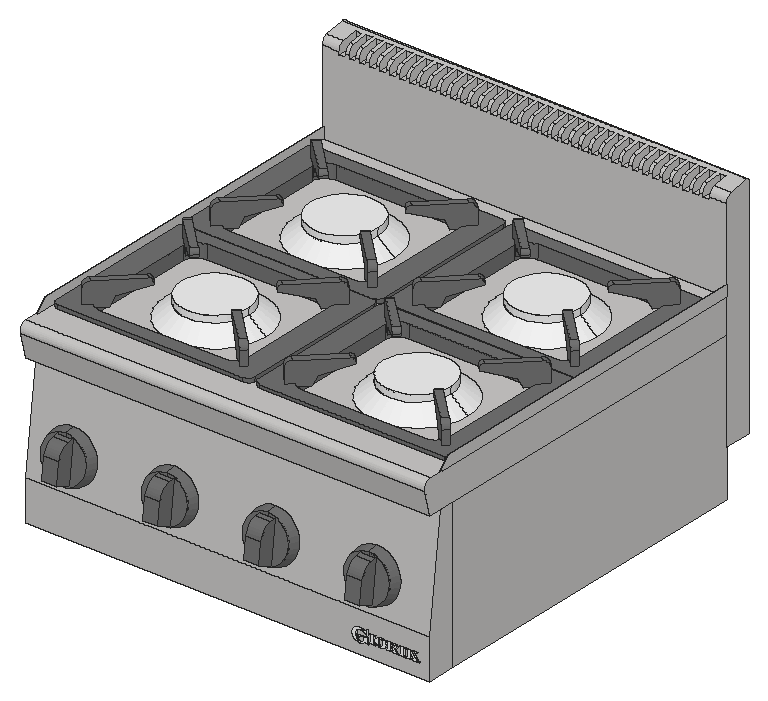
Revit family "QF_GIORIK_LPG6940", category Specialty Equipment, Revit 2014
Parameters (values of type "LPG6940")
  Weight in Pounds = 61.7294
  URL Cutsheet = "www.giorik.com"
  URL = "www.giorik.com"
  Status [instance] = ""
  Specification by User [instance] = ""
  Specification by Manufacturer = ""
  Show Logo [instance] = yes
  Show Clearance [instance] = yes
  Serial Number = ""
  Seismic Rating = ""
  SMACNA No = ""
  Revision Code [instance] = ""
  NAFEM Spec ID Number = ""
  Model = "LPG6940"
  Mechanical Remarks [instance] = "Natural Gas"
  Mechanical Connection Type [instance] = ""
  Masterspec = ""
  Manufacturer = "GIORIK"
  Item Number [instance] = ""
  Installed By [instance] = ""
  Identify Quantity as Lot [instance] = no
  Gas Size = 1"
  Gas RI Height [instance] = 0 mm
  Gas KW = 19
  Gas Input = 19000 W
  Gas Connection Height [instance] = 45 mm
  Furnished By [instance] = ""
  Foodservice Equipment Identifier [instance] = yes
  Description = "COOKING TOPS"
  CSI MasterFormat = ""
  Assembly Code = "E1090320"
Reference planes
  plane 1 "Back": y = 0
  plane 2: z = 0
  plane 3 "Left": x = 0
  plane 4 "Right": x = 600
  plane 5 "Front": y = -600
  plane 6 "Top": z = 430
Forms (mm)
  Extrusion 1, solid
    sketch origin (0, 1000, -580) x (0, 1, 0) y (0, 0, 1)
      loop
        line (-1040.007, 869.975) -> (-1589.445, 869.975)
        arc (-1589.445, 869.975) -> (-1598.171, 865.672) -> (-1600.069, 856.13) r 10.999
        line (-1600.069, 856.13) -> (-1590.388, 820) -> (-1040.007, 820) -> (-1040.007, 869.975)
    from 0 to 600
  Extrusion 2, solid
    sketch origin (360, 33.5, -557.014) x (-1, 0, 0) y (0, -1, 0)
      loop
        arc (62.5, 110) -> (65.429, 102.929) -> (72.5, 100) r 10
        line (72.5, 100) -> (347.5, 100)
        arc (347.5, 100) -> (354.571, 102.929) -> (357.5, 110) r 10
        line (357.5, 110) -> (357.5, 330)
        arc (357.5, 330) -> (354.571, 337.071) -> (347.5, 340) r 10
        line (347.5, 340) -> (72.5, 340)
        arc (72.5, 340) -> (65.429, 337.071) -> (62.5, 330) r 10
        line (62.5, 330) -> (62.5, 110)
      loop
        line (117.5, 120) -> (302.5, 120)
        arc (302.5, 120) -> (316.642, 125.858) -> (322.5, 140) r 20
        line (322.5, 140) -> (322.5, 300)
        arc (322.5, 300) -> (316.642, 314.142) -> (302.5, 320) r 20
        line (302.5, 320) -> (117.5, 320)
        arc (117.5, 320) -> (103.358, 314.142) -> (97.5, 300) r 20
        line (97.5, 300) -> (97.5, 140)
        arc (97.5, 140) -> (103.358, 125.858) -> (117.5, 120) r 20
    from 831.989 to 851.989
  Extrusion 3, solid
    sketch origin (300.981, -109.39, -577.822) x (-0.707107, -0.707107, 0) y (0, 0, 1)
      loop
        line (85.748, 902.808) -> (18.548, 902.808)
        arc (18.548, 902.808) -> (11.477, 899.879) -> (8.548, 892.808) r 10
        line (8.548, 892.808) -> (8.548, 867.797) -> (40.514, 867.797) -> (46.895, 881.064) -> (91.748, 893.808) -> (91.748, 896.808)
        arc (91.748, 896.808) -> (89.991, 901.051) -> (85.748, 902.808) r 6
    from 30.148 to 40.148
  Extrusion 4, solid
    sketch origin (300.981, -265.882, -577.822) x (-0.707107, 0.707107, 0) y (0, 0, -1)
      loop
        arc (85.748, -902.808) -> (89.991, -901.051) -> (91.748, -896.808) r 6
        line (91.748, -896.808) -> (91.748, -893.808) -> (46.895, -881.064) -> (40.514, -867.797) -> (8.548, -867.797) -> (8.548, -892.808)
        arc (8.548, -892.808) -> (11.477, -899.879) -> (18.548, -902.808) r 10
        line (18.548, -902.808) -> (85.748, -902.808)
    from 30.148 to 40.148
  Extrusion 5, solid
    sketch origin (360, -646.5, -557.014) x (-1, 0, 0) y (0, -1, 0)
      loop
        line (62.5, -110) -> (62.5, -330)
        arc (62.5, -330) -> (65.429, -337.071) -> (72.5, -340) r 10
        line (72.5, -340) -> (347.5, -340)
        arc (347.5, -340) -> (354.571, -337.071) -> (357.5, -330) r 10
        line (357.5, -330) -> (357.5, -110)
        arc (357.5, -110) -> (354.571, -102.929) -> (347.5, -100) r 10
        line (347.5, -100) -> (72.5, -100)
        arc (72.5, -100) -> (65.429, -102.929) -> (62.5, -110) r 10
      loop
        arc (117.5, -120) -> (103.358, -125.858) -> (97.5, -140) r 20
        line (97.5, -140) -> (97.5, -300)
        arc (97.5, -300) -> (103.358, -314.142) -> (117.5, -320) r 20
        line (117.5, -320) -> (302.5, -320)
        arc (302.5, -320) -> (316.642, -314.142) -> (322.5, -300) r 20
        line (322.5, -300) -> (322.5, -140)
        arc (322.5, -140) -> (316.642, -125.858) -> (302.5, -120) r 20
        line (302.5, -120) -> (117.5, -120)
    from 831.989 to 851.989
  Extrusion 6, solid
    sketch origin (240, -646.5, -557.014) x (1, 0, 0) y (0, 1, 0)
      loop
        arc (62.5, 110) -> (65.429, 102.929) -> (72.5, 100) r 10
        line (72.5, 100) -> (347.5, 100)
        arc (347.5, 100) -> (354.571, 102.929) -> (357.5, 110) r 10
        line (357.5, 110) -> (357.5, 330)
        arc (357.5, 330) -> (354.571, 337.071) -> (347.5, 340) r 10
        line (347.5, 340) -> (72.5, 340)
        arc (72.5, 340) -> (65.429, 337.071) -> (62.5, 330) r 10
        line (62.5, 330) -> (62.5, 110)
      loop
        line (117.5, 120) -> (302.5, 120)
        arc (302.5, 120) -> (316.642, 125.858) -> (322.5, 140) r 20
        line (322.5, 140) -> (322.5, 300)
        arc (322.5, 300) -> (316.642, 314.142) -> (302.5, 320) r 20
        line (302.5, 320) -> (117.5, 320)
        arc (117.5, 320) -> (103.358, 314.142) -> (97.5, 300) r 20
        line (97.5, 300) -> (97.5, 140)
        arc (97.5, 140) -> (103.358, 125.858) -> (117.5, 120) r 20
    from 831.989 to 851.989
  Extrusion 7, solid
    sketch origin (240, 33.5, -557.014) x (1, 0, 0) y (0, 1, 0)
      loop
        line (62.5, -110) -> (62.5, -330)
        arc (62.5, -330) -> (65.429, -337.071) -> (72.5, -340) r 10
        line (72.5, -340) -> (347.5, -340)
        arc (347.5, -340) -> (354.571, -337.071) -> (357.5, -330) r 10
        line (357.5, -330) -> (357.5, -110)
        arc (357.5, -110) -> (354.571, -102.929) -> (347.5, -100) r 10
        line (347.5, -100) -> (72.5, -100)
        arc (72.5, -100) -> (65.429, -102.929) -> (62.5, -110) r 10
      loop
        arc (117.5, -120) -> (103.358, -125.858) -> (97.5, -140) r 20
        line (97.5, -140) -> (97.5, -300)
        arc (97.5, -300) -> (103.358, -314.142) -> (117.5, -320) r 20
        line (117.5, -320) -> (302.5, -320)
        arc (302.5, -320) -> (316.642, -314.142) -> (322.5, -300) r 20
        line (322.5, -300) -> (322.5, -140)
        arc (322.5, -140) -> (316.642, -125.858) -> (302.5, -120) r 20
        line (302.5, -120) -> (117.5, -120)
    from 831.989 to 851.989
  Extrusion 8, solid
    sketch origin (0, 0, -560) x (0, 1, 0) y (0, 0, 1)
      loop
        line (-570.06, 849.975) -> (-40.007, 849.975) -> (-40.007, 865.387) -> (-554.648, 865.387) -> (-570.06, 849.975)
    from 0 to 1.85
  Extrusion 9, solid
    sketch origin (0, 0, -560) x (0, 1, 0) y (0, 0, 1)
      loop
        line (-40.007, 800) -> (-550, 800) -> (-550, 580) -> (-40.007, 580) -> (-40.007, 800)
    from 0 to 600
  Extrusion 10, solid
    sketch origin (0, 0, -560) x (0, 1, 0) y (0, 0, 1)
      loop
        line (-550, 800) -> (-570.5, 800) -> (-590, 640) -> (-590, 580) -> (-550, 580) -> (-550, 800)
    from 0 to 600
  Revolve 11, solid
    sketch origin (75.155, -0.544, -560.03) x (0, 1, 0) y (0, 0, 1)
      loop
        line (-598.03, 706.389) -> (-594.27, 737.013) -> (-609.648, 734.852) -> (-613.772, 701.269) -> (-581.482, 697.305) -> (-580.629, 704.252) -> (-598.03, 706.389)
      axis (-581.482, 697.305) -> (-613.772, 701.269)
    angle from 0 to 360
  Extrusion 12, solid
    sketch origin (598.094, 0, -560) x (0, 1, 0) y (0, 0, 1)
      loop
        line (-570.06, 849.975) -> (-40.007, 849.975) -> (-40.007, 865.387) -> (-554.648, 865.387) -> (-570.06, 849.975)
    from -0.15 to 1.906
  Extrusion 13, solid
    sketch origin (0, 0, -560) x (0, 1, 0) y (0, 0, 1)
      loop
        line (-40.007, 974.217) -> (-40.007, 650.827) -> (0, 650.827) -> (0, 988.42)
        arc (0, 988.42) -> (-0.57, 989.648) -> (-1.878, 990) r 1.6
        line (-1.878, 990) -> (-31.072, 984.852)
        arc (-31.072, 984.852) -> (-37.477, 981.162) -> (-40.007, 974.217) r 10.797
    from 0 to 600
  Extrusion 14, solid
    sketch origin (-1.005, -109.39, -577.822) x (0.707107, -0.707107, 0) y (0, 0, -1)
      loop
        arc (85.748, -902.808) -> (89.991, -901.051) -> (91.748, -896.808) r 6
        line (91.748, -896.808) -> (91.748, -893.808) -> (46.895, -881.064) -> (40.514, -867.797) -> (8.548, -867.797) -> (8.548, -892.808)
        arc (8.548, -892.808) -> (11.477, -899.879) -> (18.548, -902.808) r 10
        line (18.548, -902.808) -> (85.748, -902.808)
    from 30.148 to 40.148
  Extrusion 15, solid
    sketch origin (-1.005, -265.882, -577.822) x (0.707107, 0.707107, 0) y (0, 0, 1)
      loop
        line (85.748, 902.808) -> (18.548, 902.808)
        arc (18.548, 902.808) -> (11.477, 899.879) -> (8.548, 892.808) r 10
        line (8.548, 892.808) -> (8.548, 867.797) -> (40.514, 867.797) -> (46.895, 881.064) -> (91.748, 893.808) -> (91.748, 896.808)
        arc (91.748, 896.808) -> (89.991, 901.051) -> (85.748, 902.808) r 6
    from 30.148 to 40.148
  Extrusion 16, solid
    sketch origin (600.981, -109.39, -577.822) x (-0.707107, -0.707107, 0) y (0, 0, 1)
      loop
        line (85.748, 902.808) -> (18.548, 902.808)
        arc (18.548, 902.808) -> (11.477, 899.879) -> (8.548, 892.808) r 10
        line (8.548, 892.808) -> (8.548, 867.797) -> (40.514, 867.797) -> (46.895, 881.064) -> (91.748, 893.808) -> (91.748, 896.808)
        arc (91.748, 896.808) -> (89.991, 901.051) -> (85.748, 902.808) r 6
    from 30.148 to 40.148
  Extrusion 17, solid
    sketch origin (600.981, -265.882, -577.822) x (-0.707107, 0.707107, 0) y (0, 0, -1)
      loop
        arc (85.748, -902.808) -> (89.991, -901.051) -> (91.748, -896.808) r 6
        line (91.748, -896.808) -> (91.748, -893.808) -> (46.895, -881.064) -> (40.514, -867.797) -> (8.548, -867.797) -> (8.548, -892.808)
        arc (8.548, -892.808) -> (11.477, -899.879) -> (18.548, -902.808) r 10
        line (18.548, -902.808) -> (85.748, -902.808)
    from 30.148 to 40.148
  Extrusion 18, solid
    sketch origin (298.995, -109.39, -577.822) x (0.707107, -0.707107, 0) y (0, 0, -1)
      loop
        arc (85.748, -902.808) -> (89.991, -901.051) -> (91.748, -896.808) r 6
        line (91.748, -896.808) -> (91.748, -893.808) -> (46.895, -881.064) -> (40.514, -867.797) -> (8.548, -867.797) -> (8.548, -892.808)
        arc (8.548, -892.808) -> (11.477, -899.879) -> (18.548, -902.808) r 10
        line (18.548, -902.808) -> (85.748, -902.808)
    from 30.148 to 40.148
  Extrusion 19, solid
    sketch origin (298.995, -265.882, -577.822) x (0.707107, 0.707107, 0) y (0, 0, 1)
      loop
        line (85.748, 902.808) -> (18.548, 902.808)
        arc (18.548, 902.808) -> (11.477, 899.879) -> (8.548, 892.808) r 10
        line (8.548, 892.808) -> (8.548, 867.797) -> (40.514, 867.797) -> (46.895, 881.064) -> (91.748, 893.808) -> (91.748, 896.808)
        arc (91.748, 896.808) -> (89.991, 901.051) -> (85.748, 902.808) r 6
    from 30.148 to 40.148
  Extrusion 20, solid
    sketch origin (300.981, -348.09, -577.822) x (-0.707107, -0.707107, 0) y (0, 0, 1)
      loop
        line (85.748, 902.808) -> (18.548, 902.808)
        arc (18.548, 902.808) -> (11.477, 899.879) -> (8.548, 892.808) r 10
        line (8.548, 892.808) -> (8.548, 867.797) -> (40.514, 867.797) -> (46.895, 881.064) -> (91.748, 893.808) -> (91.748, 896.808)
        arc (91.748, 896.808) -> (89.991, 901.051) -> (85.748, 902.808) r 6
    from 30.148 to 40.148
  Extrusion 21, solid
    sketch origin (300.981, -504.882, -577.822) x (-0.707107, 0.707107, 0) y (0, 0, -1)
      loop
        arc (85.748, -902.808) -> (89.991, -901.051) -> (91.748, -896.808) r 6
        line (91.748, -896.808) -> (91.748, -893.808) -> (46.895, -881.064) -> (40.514, -867.797) -> (8.548, -867.797) -> (8.548, -892.808)
        arc (8.548, -892.808) -> (11.477, -899.879) -> (18.548, -902.808) r 10
        line (18.548, -902.808) -> (85.748, -902.808)
    from 30.148 to 40.148
  Extrusion 22, solid
    sketch origin (-1.005, -348.09, -577.822) x (0.707107, -0.707107, 0) y (0, 0, -1)
      loop
        arc (85.748, -902.808) -> (89.991, -901.051) -> (91.748, -896.808) r 6
        line (91.748, -896.808) -> (91.748, -893.808) -> (46.895, -881.064) -> (40.514, -867.797) -> (8.548, -867.797) -> (8.548, -892.808)
        arc (8.548, -892.808) -> (11.477, -899.879) -> (18.548, -902.808) r 10
        line (18.548, -902.808) -> (85.748, -902.808)
    from 30.148 to 40.148
  Extrusion 23, solid
    sketch origin (-1.005, -504.882, -577.822) x (0.707107, 0.707107, 0) y (0, 0, 1)
      loop
        line (85.748, 902.808) -> (18.548, 902.808)
        arc (18.548, 902.808) -> (11.477, 899.879) -> (8.548, 892.808) r 10
        line (8.548, 892.808) -> (8.548, 867.797) -> (40.514, 867.797) -> (46.895, 881.064) -> (91.748, 893.808) -> (91.748, 896.808)
        arc (91.748, 896.808) -> (89.991, 901.051) -> (85.748, 902.808) r 6
    from 30.148 to 40.148
  Extrusion 24, solid
    sketch origin (600.981, -348.09, -577.822) x (-0.707107, -0.707107, 0) y (0, 0, 1)
      loop
        line (85.748, 902.808) -> (18.548, 902.808)
        arc (18.548, 902.808) -> (11.477, 899.879) -> (8.548, 892.808) r 10
        line (8.548, 892.808) -> (8.548, 867.797) -> (40.514, 867.797) -> (46.895, 881.064) -> (91.748, 893.808) -> (91.748, 896.808)
        arc (91.748, 896.808) -> (89.991, 901.051) -> (85.748, 902.808) r 6
    from 30.148 to 40.148
  Extrusion 25, solid
    sketch origin (600.981, -504.882, -577.822) x (-0.707107, 0.707107, 0) y (0, 0, -1)
      loop
        arc (85.748, -902.808) -> (89.991, -901.051) -> (91.748, -896.808) r 6
        line (91.748, -896.808) -> (91.748, -893.808) -> (46.895, -881.064) -> (40.514, -867.797) -> (8.548, -867.797) -> (8.548, -892.808)
        arc (8.548, -892.808) -> (11.477, -899.879) -> (18.548, -902.808) r 10
        line (18.548, -902.808) -> (85.748, -902.808)
    from 30.148 to 40.148
  Extrusion 26, solid
    sketch origin (298.995, -348.09, -577.822) x (0.707107, -0.707107, 0) y (0, 0, -1)
      loop
        arc (85.748, -902.808) -> (89.991, -901.051) -> (91.748, -896.808) r 6
        line (91.748, -896.808) -> (91.748, -893.808) -> (46.895, -881.064) -> (40.514, -867.797) -> (8.548, -867.797) -> (8.548, -892.808)
        arc (8.548, -892.808) -> (11.477, -899.879) -> (18.548, -902.808) r 10
        line (18.548, -902.808) -> (85.748, -902.808)
    from 30.148 to 40.148
  Extrusion 27, solid
    sketch origin (298.995, -504.882, -577.822) x (0.707107, 0.707107, 0) y (0, 0, 1)
      loop
        line (85.748, 902.808) -> (18.548, 902.808)
        arc (18.548, 902.808) -> (11.477, 899.879) -> (8.548, 892.808) r 10
        line (8.548, 892.808) -> (8.548, 867.797) -> (40.514, 867.797) -> (46.895, 881.064) -> (91.748, 893.808) -> (91.748, 896.808)
        arc (91.748, 896.808) -> (89.991, 901.051) -> (85.748, 902.808) r 6
    from 30.148 to 40.148
  Extrusion 28, void
    sketch origin (-151, 10, 430) x (0, 1, 0) y (-1, 0, 0)
      loop
        line (-91.5, -171) -> (-541.5, -171) -> (-541.5, -431) -> (-91.5, -431) -> (-91.5, -171)
    from -155.025 to -140.025
  Extrusion 29, void
    sketch origin (149, 10, 430) x (0, 1, 0) y (-1, 0, 0)
      loop
        line (-91.5, -171) -> (-541.5, -171) -> (-541.5, -431) -> (-91.5, -431) -> (-91.5, -171)
    from -155.025 to -140.025
  Blend 30, solid
    base sketch origin (249.954, 89.949, 344.975) x (0, 1, 0) y (-1, 0, 0)
      loop
        circle (-276.449, -200.046) r 75
    top sketch origin (249.954, 89.949, 344.975) x (0, 1, 0) y (-1, 0, 0)
      loop
        circle (-276.449, -200.046) r 50
    from -70 to -50
  Extrusion 31, solid
    sketch origin (249.954, -462.949, -585.012) x (1, 0, 0) y (0, 1, 0)
      loop
        circle (200.046, 276.449) r 50
    from 889.988 to 879.988
  Blend 32, solid
    base sketch origin (249.954, -150.051, 344.975) x (0, 1, 0) y (-1, 0, 0)
      loop
        circle (-276.449, -200.046) r 75
    top sketch origin (249.954, -150.051, 344.975) x (0, 1, 0) y (-1, 0, 0)
      loop
        circle (-276.449, -200.046) r 50
    from -70 to -50
  Extrusion 33, solid
    sketch origin (249.954, -702.949, -585.012) x (1, 0, 0) y (0, 1, 0)
      loop
        circle (200.046, 276.449) r 50
    from 889.988 to 879.988
  Extrusion 34, solid
    sketch origin (-87.831, -0.544, -560.03) x (0, 1, 0) y (0, 0, 1)
      loop
        line (-635.843, 711.553) -> (-639.647, 680.575) -> (-617.415, 671.593) -> (-610.135, 730.882) -> (-617.934, 729.786)
        arc (-617.934, 729.786) -> (-629.982, 723.708) -> (-635.843, 711.553) r 20.998
    from 151.831 to 173.831
  Blend 35, solid
    base sketch origin (-50.046, 89.949, 344.975) x (0, 1, 0) y (-1, 0, 0)
      loop
        circle (-276.449, -200.046) r 75
    top sketch origin (-50.046, 89.949, 344.975) x (0, 1, 0) y (-1, 0, 0)
      loop
        circle (-276.449, -200.046) r 50
    from -70 to -50
  Extrusion 36, solid
    sketch origin (-50.046, -462.949, -585.012) x (1, 0, 0) y (0, 1, 0)
      loop
        circle (200.046, 276.449) r 50
    from 889.988 to 879.988
  Blend 37, solid
    base sketch origin (-50.046, -150.051, 344.975) x (0, 1, 0) y (-1, 0, 0)
      loop
        circle (-276.449, -200.046) r 75
    top sketch origin (-50.046, -150.051, 344.975) x (0, 1, 0) y (-1, 0, 0)
      loop
        circle (-276.449, -200.046) r 50
    from -70 to -50
  Extrusion 38, solid
    sketch origin (-50.046, -702.949, -585.012) x (1, 0, 0) y (0, 1, 0)
      loop
        circle (200.046, 276.449) r 50
    from 889.988 to 879.988
  Revolve 39, solid
    sketch origin (225.155, -0.544, -560.03) x (0, 1, 0) y (0, 0, 1)
      loop
        line (-598.03, 706.389) -> (-594.27, 737.013) -> (-609.648, 734.852) -> (-613.772, 701.269) -> (-581.482, 697.305) -> (-580.629, 704.252) -> (-598.03, 706.389)
      axis (-581.482, 697.305) -> (-613.772, 701.269)
    angle from 0 to 360
  Extrusion 40, solid
    sketch origin (62.169, -0.544, -560.03) x (0, 1, 0) y (0, 0, 1)
      loop
        line (-635.843, 711.553) -> (-639.647, 680.575) -> (-617.415, 671.593) -> (-610.135, 730.882) -> (-617.934, 729.786)
        arc (-617.934, 729.786) -> (-629.982, 723.708) -> (-635.843, 711.553) r 20.998
    from 151.831 to 173.831
  Revolve 41, solid
    sketch origin (375.155, -0.544, -560.03) x (0, 1, 0) y (0, 0, 1)
      loop
        line (-598.03, 706.389) -> (-594.27, 737.013) -> (-609.648, 734.852) -> (-613.772, 701.269) -> (-581.482, 697.305) -> (-580.629, 704.252) -> (-598.03, 706.389)
      axis (-581.482, 697.305) -> (-613.772, 701.269)
    angle from 0 to 360
  Extrusion 42, solid
    sketch origin (212.169, -0.544, -560.03) x (0, 1, 0) y (0, 0, 1)
      loop
        line (-635.843, 711.553) -> (-639.647, 680.575) -> (-617.415, 671.593) -> (-610.135, 730.882) -> (-617.934, 729.786)
        arc (-617.934, 729.786) -> (-629.982, 723.708) -> (-635.843, 711.553) r 20.998
    from 151.831 to 173.831
  Revolve 43, solid
    sketch origin (525.155, -0.544, -560.03) x (0, 1, 0) y (0, 0, 1)
      loop
        line (-598.03, 706.389) -> (-594.27, 737.013) -> (-609.648, 734.852) -> (-613.772, 701.269) -> (-581.482, 697.305) -> (-580.629, 704.252) -> (-598.03, 706.389)
      axis (-581.482, 697.305) -> (-613.772, 701.269)
    angle from 0 to 360
  Extrusion 44, solid
    sketch origin (362.169, -0.544, -560.03) x (0, 1, 0) y (0, 0, 1)
      loop
        line (-635.843, 711.553) -> (-639.647, 680.575) -> (-617.415, 671.593) -> (-610.135, 730.882) -> (-617.934, 729.786)
        arc (-617.934, 729.786) -> (-629.982, 723.708) -> (-635.843, 711.553) r 20.998
    from 151.831 to 173.831
  Extrusion 45, solid
    sketch origin (103.819, 0, -561) x (1, 0, 0) y (0, 0, 1)
      loop
        circle (-38.319, 606) r 12.5
    from 20.007 to 40.007
  Extrusion 46, solid, visible <- "Show Logo"
    sketch origin (391.604, -590.5, -6.113) x (-1, 0, 0) y (0, 0, 1)
      loop
        line (-118.824, 58.358) -> (-127.804, 58.358) -> (-125.523, 56.445) -> (-125.523, 48.027) -> (-127.804, 46.113) -> (-118.824, 46.113) -> (-121.105, 48.027) -> (-121.105, 56.445) -> (-118.824, 58.358)
      loop
        line (-163.721, 58.358) -> (-172.7, 58.358) -> (-170.42, 56.445) -> (-170.42, 48.027) -> (-172.7, 46.113) -> (-163.721, 46.113) -> (-166.001, 48.027) -> (-166.001, 56.445) -> (-163.721, 58.358)
      loop
        line (-174.332, 58.358) -> (-183.312, 58.358) -> (-181.031, 56.445) -> (-181.031, 52.435) -> (-186.419, 56.955) -> (-184.416, 58.358) -> (-191.268, 58.358) -> (-188.01, 56.839) -> (-185.455, 54.283) -> (-190.846, 47.858) -> (-193.396, 46.93) -> (-193.396, 46.113) -> (-184.416, 46.113) -> (-185.437, 47.571) -> (-182.443, 51.552) -> (-181.031, 50.894) -> (-181.031, 48.027) -> (-183.312, 46.113) -> (-174.332, 46.113) -> (-176.613, 48.027) -> (-176.613, 56.445) -> (-174.332, 58.358)
      loop
        line (-115.429, 62.063) -> (-115.429, 54.198)
        arc (-115.429, 54.198) -> (-111.618, 57.803) -> (-106.847, 59.986) r 16.039
        arc (-106.847, 59.986) -> (-103.314, 59.837) -> (-100.512, 57.68) r 5.851
        arc (-100.512, 57.68) -> (-98.815, 52.267) -> (-100.512, 46.853) r 9.479
        arc (-100.512, 46.853) -> (-102.406, 44.986) -> (-104.846, 43.93) r 7.236
        arc (-104.846, 43.93) -> (-107.728, 44.111) -> (-110.052, 45.825) r 5.11
        line (-110.052, 45.825) -> (-110.052, 52.001) -> (-116.141, 52.001) -> (-116.141, 45.503) -> (-117.893, 43.751) -> (-114.094, 44.769)
        arc (-114.094, 44.769) -> (-112.56, 44.947) -> (-111.129, 44.366) r 3.115
        arc (-111.129, 44.366) -> (-104.216, 42.091) -> (-97.303, 44.366) r 11.641
        arc (-97.303, 44.366) -> (-93.396, 52.107) -> (-97.303, 59.849) r 9.622
        arc (-97.303, 59.849) -> (-104.369, 62.174) -> (-111.435, 59.849) r 11.898
        line (-111.435, 59.849) -> (-115.429, 62.063)
      loop
        arc (-129.234, 56.068) -> (-135.893, 58.628) -> (-142.552, 56.068) r 9.941
        arc (-142.552, 56.068) -> (-144.234, 52.286) -> (-142.552, 48.505) r 5.093
        arc (-142.552, 48.505) -> (-135.893, 45.945) -> (-129.234, 48.505) r 9.941
        arc (-129.234, 48.505) -> (-127.552, 52.286) -> (-129.234, 56.068) r 5.093
      loop
        arc (-132.628, 54.403) -> (-135.893, 57.668) -> (-139.158, 54.403) r 3.265
        line (-139.158, 54.403) -> (-139.158, 50.169)
        arc (-139.158, 50.169) -> (-135.893, 46.904) -> (-132.628, 50.169) r 3.265
        line (-132.628, 50.169) -> (-132.628, 54.403)
      loop
        arc (-156.363, 58.365) -> (-159.647, 55.081) -> (-156.363, 51.796) r 3.285
        line (-156.363, 51.796) -> (-159.529, 47.306) -> (-162.087, 46.113) -> (-155.847, 46.113) -> (-153.529, 51.083) -> (-150.637, 51.083) -> (-150.637, 47.784) -> (-153.022, 46.113) -> (-144.011, 46.113) -> (-146.094, 47.68) -> (-146.094, 56.493) -> (-144.229, 58.365) -> (-156.363, 58.365)
      loop
        line (-150.637, 57.512) -> (-153.637, 57.512)
        arc (-153.637, 57.512) -> (-156.237, 54.912) -> (-153.637, 52.312) r 2.6
        line (-153.637, 52.312) -> (-150.637, 52.312) -> (-150.637, 57.512)
      loop
        line (-108.924, 52.001) -> (-104.936, 49.005) -> (-100.948, 52.001) -> (-108.924, 52.001)
    from 1.5 to -0.5
  Extrusion 47, void
    sketch origin (10, 0, 430) x (0, 1, 0) y (-1, 0, 0)
      loop
        line (-40.007, -25) -> (-9.931, -25) -> (-9.931, -15) -> (-40.007, -15) -> (-40.007, -25)
      loop
        line (-40.007, -40) -> (-9.931, -40) -> (-9.931, -30) -> (-40.007, -30) -> (-40.007, -40)
      loop
        line (-40.007, -55) -> (-9.931, -55) -> (-9.931, -45) -> (-40.007, -45) -> (-40.007, -55)
      loop
        line (-40.007, -70) -> (-9.931, -70) -> (-9.931, -60) -> (-40.007, -60) -> (-40.007, -70)
      loop
        line (-40.007, -85) -> (-9.931, -85) -> (-9.931, -75) -> (-40.007, -75) -> (-40.007, -85)
      loop
        line (-40.007, -100) -> (-9.931, -100) -> (-9.931, -90) -> (-40.007, -90) -> (-40.007, -100)
      loop
        line (-40.007, -115) -> (-9.931, -115) -> (-9.931, -105) -> (-40.007, -105) -> (-40.007, -115)
      loop
        line (-40.007, -130) -> (-9.931, -130) -> (-9.931, -120) -> (-40.007, -120) -> (-40.007, -130)
      loop
        line (-40.007, -145) -> (-9.931, -145) -> (-9.931, -135) -> (-40.007, -135) -> (-40.007, -145)
      loop
        line (-40.007, -160) -> (-9.931, -160) -> (-9.931, -150) -> (-40.007, -150) -> (-40.007, -160)
      loop
        line (-40.007, -175) -> (-9.931, -175) -> (-9.931, -165) -> (-40.007, -165) -> (-40.007, -175)
      loop
        line (-40.007, -190) -> (-9.931, -190) -> (-9.931, -180) -> (-40.007, -180) -> (-40.007, -190)
      loop
        line (-40.007, -205) -> (-9.931, -205) -> (-9.931, -195) -> (-40.007, -195) -> (-40.007, -205)
      loop
        line (-40.007, -220) -> (-9.931, -220) -> (-9.931, -210) -> (-40.007, -210) -> (-40.007, -220)
      loop
        line (-40.007, -235) -> (-9.931, -235) -> (-9.931, -225) -> (-40.007, -225) -> (-40.007, -235)
      loop
        line (-40.007, -250) -> (-9.931, -250) -> (-9.931, -240) -> (-40.007, -240) -> (-40.007, -250)
      loop
        line (-40.007, -265) -> (-9.931, -265) -> (-9.931, -255) -> (-40.007, -255) -> (-40.007, -265)
      loop
        line (-40.007, -280) -> (-9.931, -280) -> (-9.931, -270) -> (-40.007, -270) -> (-40.007, -280)
      loop
        line (-40.007, -295) -> (-9.931, -295) -> (-9.931, -285) -> (-40.007, -285) -> (-40.007, -295)
      loop
        line (-40.007, -310) -> (-9.931, -310) -> (-9.931, -300) -> (-40.007, -300) -> (-40.007, -310)
      loop
        line (-40.007, -325) -> (-9.931, -325) -> (-9.931, -315) -> (-40.007, -315) -> (-40.007, -325)
      loop
        line (-40.007, -340) -> (-9.931, -340) -> (-9.931, -330) -> (-40.007, -330) -> (-40.007, -340)
      loop
        line (-40.007, -355) -> (-9.931, -355) -> (-9.931, -345) -> (-40.007, -345) -> (-40.007, -355)
      loop
        line (-40.007, -370) -> (-9.931, -370) -> (-9.931, -360) -> (-40.007, -360) -> (-40.007, -370)
      loop
        line (-40.007, -385) -> (-9.931, -385) -> (-9.931, -375) -> (-40.007, -375) -> (-40.007, -385)
      loop
        line (-40.007, -400) -> (-9.931, -400) -> (-9.931, -390) -> (-40.007, -390) -> (-40.007, -400)
      loop
        line (-40.007, -415) -> (-9.931, -415) -> (-9.931, -405) -> (-40.007, -405) -> (-40.007, -415)
      loop
        line (-40.007, -430) -> (-9.931, -430) -> (-9.931, -420) -> (-40.007, -420) -> (-40.007, -430)
      loop
        line (-40.007, -445) -> (-9.931, -445) -> (-9.931, -435) -> (-40.007, -435) -> (-40.007, -445)
      loop
        line (-40.007, -460) -> (-9.931, -460) -> (-9.931, -450) -> (-40.007, -450) -> (-40.007, -460)
      loop
        line (-40.007, -475) -> (-9.931, -475) -> (-9.931, -465) -> (-40.007, -465) -> (-40.007, -475)
      loop
        line (-40.007, -490) -> (-9.931, -490) -> (-9.931, -480) -> (-40.007, -480) -> (-40.007, -490)
      loop
        line (-40.007, -505) -> (-9.931, -505) -> (-9.931, -495) -> (-40.007, -495) -> (-40.007, -505)
      loop
        line (-40.007, -520) -> (-9.931, -520) -> (-9.931, -510) -> (-40.007, -510) -> (-40.007, -520)
      loop
        line (-40.007, -535) -> (-9.931, -535) -> (-9.931, -525) -> (-40.007, -525) -> (-40.007, -535)
      loop
        line (-40.007, -550) -> (-9.931, -550) -> (-9.931, -540) -> (-40.007, -540) -> (-40.007, -550)
      loop
        line (-40.007, -565) -> (-9.931, -565) -> (-9.931, -555) -> (-40.007, -555) -> (-40.007, -565)
    from 0 to -20
  Extrusion 48, solid
    sketch origin (566.603, 15.293, -30) x (0, 1, 0) y (-1, 0, 0)
      loop
        circle (-79.293, 516.603) r 5
    from 41.965 to 50
  Revolve 49, solid
    sketch origin (50, 19.943, -600) x (0, 1, 0) y (0, 0, 1)
      loop
        line (-83.943, 611.965) -> (-94.752, 611.965) -> (-97.943, 600) -> (-83.943, 600) -> (-83.943, 611.965)
      axis (-83.943, 611.965) -> (-83.943, 600)
    angle from 0 to 360
  Extrusion 50, solid
    sketch origin (33.397, 15.293, -30) x (0, 1, 0) y (-1, 0, 0)
      loop
        circle (-79.293, -516.603) r 5
    from 41.965 to 50
  Revolve 51, solid
    sketch origin (550, 19.943, -600) x (0, 1, 0) y (0, 0, -1)
      loop
        line (-83.943, -611.965) -> (-83.943, -600) -> (-97.943, -600) -> (-94.752, -611.965) -> (-83.943, -611.965)
      axis (-83.943, -611.965) -> (-83.943, -600)
    angle from 0 to 360
  Extrusion 52, solid
    sketch origin (566.603, -459.707, -30) x (0, 1, 0) y (-1, 0, 0)
      loop
        circle (-79.293, 516.603) r 5
    from 41.965 to 50
  Revolve 53, solid
    sketch origin (50, -455.057, -600) x (0, 1, 0) y (0, 0, 1)
      loop
        line (-83.943, 611.965) -> (-94.752, 611.965) -> (-97.943, 600) -> (-83.943, 600) -> (-83.943, 611.965)
      axis (-83.943, 611.965) -> (-83.943, 600)
    angle from 0 to 360
  Extrusion 54, solid
    sketch origin (33.397, -459.707, -30) x (0, 1, 0) y (-1, 0, 0)
      loop
        circle (-79.293, -516.603) r 5
    from 41.965 to 50
  Revolve 55, solid
    sketch origin (550, -455.057, -600) x (0, 1, 0) y (0, 0, -1)
      loop
        line (-83.943, -611.965) -> (-83.943, -600) -> (-97.943, -600) -> (-94.752, -611.965) -> (-83.943, -611.965)
      axis (-83.943, -611.965) -> (-83.943, -600)
    angle from 0 to 360
Cuts and joins
  Extrusion 28, Extrusion 29 cuts Extrusion 1
  Extrusion 29 cuts Extrusion 2
  Extrusion 29 cuts Extrusion 5
  Extrusion 47 cuts Extrusion 13
Lines and regions (mm)
  symbolic lines, style "200-EquipBorder-2D"
    curve 1: line (600, 0, 0) -> (0, 0, 0)
    curve 2: line (0, 0, 0) -> (0, -600, 0)
    curve 233: line (0, -600, 430) -> (600, -600, 430)
    curve 234: line (600, -600, 430) -> (600, 0, 430)
    curve 279: spline (214, -618.202, 990) -> (210.789, -618.041, 990) -> (207.73, -617.841, 990) -> (204.856, -617.604, 990) -> (202.196, -617.332, 990) -> (199.779, -617.028, 990) -> (197.63, -616.696, 990) -> (195.772, -616.338, 990) -> (194.225, -615.96, 990) -> (193.004, -615.563, 990) -> (192.122, -615.154, 990) -> (191.59, -614.736, 990) -> (191.412, -614.313, 990)
    curve 280: spline (259.073, -614.408, 990) -> (258.819, -614.826, 990) -> (258.218, -615.239, 990) -> (257.275, -615.643, 990) -> (256.001, -616.033, 990) -> (254.408, -616.405, 990) -> (252.513, -616.755, 990) -> (250.336, -617.08, 990) -> (247.898, -617.376, 990) -> (245.227, -617.641, 990) -> (242.348, -617.871, 990) -> (239.293, -618.065, 990) -> (236.091, -618.219, 990)
    curve 281: line (191.412, -614.313, 990) -> (187.459, -600, 990)
    curve 282: line (259.073, -614.408, 990) -> (262.839, -600, 990)
    curve 283: line (214, -640.19, 430) -> (214, -610.679, 430)
    curve 284: line (214, -640.19, 430) -> (236, -640.19, 430)
    curve 285: line (236, -640.19, 430) -> (236, -610.679, 430)
    curve 286: spline (191.412, -614.313, 430) -> (192.564, -613.264, 430) -> (195.941, -612.286, 430) -> (201.314, -611.446, 430) -> (208.316, -610.802, 430) -> (216.47, -610.396, 430) -> (225.22, -610.258, 430) -> (233.97, -610.396, 430) -> (242.124, -610.802, 430) -> (249.126, -611.446, 430) -> (254.499, -612.286, 430) -> (257.877, -613.264, 430) -> (259.029, -614.313, 430)
    curve 287: line (214, -610.679, 430) -> (236, -610.679, 430)
    curve 288: spline (364, -618.202, 990) -> (360.789, -618.041, 990) -> (357.73, -617.841, 990) -> (354.856, -617.604, 990) -> (352.196, -617.332, 990) -> (349.779, -617.028, 990) -> (347.63, -616.696, 990) -> (345.772, -616.338, 990) -> (344.225, -615.96, 990) -> (343.004, -615.563, 990) -> (342.122, -615.154, 990) -> (341.59, -614.736, 990) -> (341.412, -614.313, 990)
    curve 289: spline (409.073, -614.408, 990) -> (408.819, -614.826, 990) -> (408.218, -615.239, 990) -> (407.275, -615.643, 990) -> (406.001, -616.033, 990) -> (404.408, -616.405, 990) -> (402.513, -616.755, 990) -> (400.336, -617.08, 990) -> (397.898, -617.376, 990) -> (395.227, -617.641, 990) -> (392.348, -617.871, 990) -> (389.293, -618.065, 990) -> (386.091, -618.219, 990)
    curve 290: line (341.412, -614.313, 990) -> (337.459, -600, 990)
    curve 291: line (409.073, -614.408, 990) -> (412.839, -600, 990)
    curve 292: line (364, -640.19, 430) -> (364, -610.679, 430)
    curve 293: line (364, -640.19, 430) -> (386, -640.19, 430)
    curve 294: line (386, -640.19, 430) -> (386, -610.679, 430)
    curve 295: spline (341.412, -614.313, 430) -> (342.564, -613.264, 430) -> (345.941, -612.286, 430) -> (351.314, -611.446, 430) -> (358.316, -610.802, 430) -> (366.47, -610.396, 430) -> (375.22, -610.258, 430) -> (383.97, -610.396, 430) -> (392.124, -610.802, 430) -> (399.126, -611.446, 430) -> (404.499, -612.286, 430) -> (407.877, -613.264, 430) -> (409.029, -614.313, 430)
    curve 296: line (364, -610.679, 430) -> (386, -610.679, 430)
    curve 297: spline (514, -618.202, 990) -> (510.789, -618.041, 990) -> (507.73, -617.841, 990) -> (504.856, -617.604, 990) -> (502.196, -617.332, 990) -> (499.779, -617.028, 990) -> (497.63, -616.696, 990) -> (495.772, -616.338, 990) -> (494.225, -615.96, 990) -> (493.004, -615.563, 990) -> (492.122, -615.154, 990) -> (491.59, -614.736, 990) -> (491.412, -614.313, 990)
    curve 298: spline (559.073, -614.408, 990) -> (558.819, -614.826, 990) -> (558.218, -615.239, 990) -> (557.275, -615.643, 990) -> (556.001, -616.033, 990) -> (554.408, -616.405, 990) -> (552.513, -616.755, 990) -> (550.336, -617.08, 990) -> (547.898, -617.376, 990) -> (545.227, -617.641, 990) -> (542.348, -617.871, 990) -> (539.293, -618.065, 990) -> (536.091, -618.219, 990)
    curve 299: line (491.412, -614.313, 990) -> (487.459, -600, 990)
    curve 300: line (559.073, -614.408, 990) -> (562.839, -600, 990)
    curve 301: line (514, -640.19, 430) -> (514, -610.679, 430)
    curve 302: line (514, -640.19, 430) -> (536, -640.19, 430)
    curve 303: line (536, -640.19, 430) -> (536, -610.679, 430)
    curve 304: spline (491.412, -614.313, 430) -> (492.564, -613.264, 430) -> (495.941, -612.286, 430) -> (501.314, -611.446, 430) -> (508.316, -610.802, 430) -> (516.47, -610.396, 430) -> (525.22, -610.258, 430) -> (533.97, -610.396, 430) -> (542.124, -610.802, 430) -> (549.126, -611.446, 430) -> (554.499, -612.286, 430) -> (557.877, -613.264, 430) -> (559.029, -614.313, 430)
    curve 305: line (514, -610.679, 430) -> (536, -610.679, 430)
    curve 306: spline (64, -618.202, 990) -> (60.789, -618.041, 990) -> (57.73, -617.841, 990) -> (54.856, -617.604, 990) -> (52.196, -617.332, 990) -> (49.779, -617.028, 990) -> (47.63, -616.696, 990) -> (45.772, -616.338, 990) -> (44.225, -615.96, 990) -> (43.004, -615.563, 990) -> (42.122, -615.154, 990) -> (41.59, -614.736, 990) -> (41.412, -614.313, 990)
    curve 307: spline (109.073, -614.408, 990) -> (108.819, -614.826, 990) -> (108.218, -615.239, 990) -> (107.275, -615.643, 990) -> (106.001, -616.033, 990) -> (104.408, -616.405, 990) -> (102.513, -616.755, 990) -> (100.336, -617.08, 990) -> (97.898, -617.376, 990) -> (95.227, -617.641, 990) -> (92.348, -617.871, 990) -> (89.293, -618.065, 990) -> (86.091, -618.219, 990)
    curve 308: line (41.412, -614.313, 990) -> (37.459, -600, 990)
    curve 309: line (109.073, -614.408, 990) -> (112.839, -600, 990)
    curve 310: line (64, -640.19, 430) -> (64, -610.679, 430)
    curve 311: line (64, -640.19, 430) -> (86, -640.19, 430)
    curve 312: line (86, -640.19, 430) -> (86, -610.679, 430)
    curve 313: spline (41.412, -614.313, 430) -> (42.564, -613.264, 430) -> (45.941, -612.286, 430) -> (51.314, -611.446, 430) -> (58.316, -610.802, 430) -> (66.47, -610.396, 430) -> (75.22, -610.258, 430) -> (83.97, -610.396, 430) -> (92.124, -610.802, 430) -> (99.126, -611.446, 430) -> (104.499, -612.286, 430) -> (107.877, -613.264, 430) -> (109.029, -614.313, 430)
    curve 314: line (64, -610.679, 430) -> (86, -610.679, 430)
  symbolic lines, style "200-EquipInternal-2D"
    curve 3: line (600, -40.007, 430) -> (0, -40.007, 430)
    curve 4: line (287.5, -66.5, 430) -> (12.5, -66.5, 430)
    curve 5: line (302.5, -76.5, 430) -> (302.5, -296.5, 430)
    curve 6: line (587.5, -66.5, 430) -> (312.5, -66.5, 430)
    curve 7: line (357.5, -86.5, 430) -> (542.5, -86.5, 430)
    curve 8: line (287.5, -306.5, 430) -> (12.5, -306.5, 430)
    curve 9: line (242.5, -286.5, 430) -> (57.5, -286.5, 430)
    curve 10: line (207.717, -229.395, 430) -> (266.548, -288.226, 430)
    curve 11: arc (225, -186.5, 430) -> (222.586, -205.375, 430) -> (215.499, -223.035, 430) r 75
    curve 12: arc (100, -186.5, 430) -> (150, -236.5, 430) -> (200, -186.5, 430) r 50
    curve 13: arc (200, -186.5, 430) -> (150, -136.5, 430) -> (100, -186.5, 430) r 50
    curve 14: arc (75, -186.5, 430) -> (77.206, -168.445, 430) -> (83.693, -151.452, 430) r 75
    curve 15: line (92.26, -145.877, 430) -> (33.428, -87.046, 430)
    curve 16: line (26.357, -94.117, 430) -> (85.189, -152.948, 430)
    curve 17: line (57.5, -86.5, 430) -> (242.5, -86.5, 430)
    curve 18: line (262.5, -105.236, 430) -> (262.5, -270.036, 430)
    curve 19: line (542.5, -286.5, 430) -> (357.5, -286.5, 430)
    curve 20: line (562.5, -105.236, 430) -> (562.5, -270.036, 430)
    curve 21: arc (375, -186.5, 430) -> (377.206, -168.445, 430) -> (383.693, -151.452, 430) r 75
    curve 22: arc (525, -186.5, 430) -> (522.586, -205.375, 430) -> (515.499, -223.035, 430) r 75
    curve 23: line (214.788, -152.948, 430) -> (273.619, -94.117, 430)
    curve 24: line (266.548, -87.046, 430) -> (207.717, -145.877, 430)
    curve 25: line (33.428, -87.046, 430) -> (26.357, -94.117, 430)
    curve 26: line (85.189, -152.948, 430) -> (92.26, -145.877, 430)
    curve 27: line (207.717, -145.877, 430) -> (214.788, -152.948, 430)
    curve 28: line (214.788, -222.324, 430) -> (207.717, -229.395, 430)
    curve 29: line (92.26, -229.395, 430) -> (85.189, -222.324, 430)
    curve 30: line (33.428, -288.226, 430) -> (92.26, -229.395, 430)
    curve 31: line (85.189, -222.324, 430) -> (26.357, -281.155, 430)
    curve 32: line (273.619, -94.117, 430) -> (266.548, -87.046, 430)
    curve 33: line (333.428, -87.046, 430) -> (326.357, -94.117, 430)
    curve 34: line (326.357, -94.117, 430) -> (385.189, -152.948, 430)
    curve 35: line (392.26, -145.877, 430) -> (333.428, -87.046, 430)
    curve 36: line (385.189, -152.948, 430) -> (392.26, -145.877, 430)
    curve 37: arc (500, -186.5, 430) -> (450, -136.5, 430) -> (400, -186.5, 430) r 50
    curve 38: arc (400, -186.5, 430) -> (450, -236.5, 430) -> (500, -186.5, 430) r 50
    curve 39: line (273.619, -281.155, 430) -> (214.788, -222.324, 430)
    curve 40: line (26.357, -281.155, 430) -> (33.428, -288.226, 430)
    curve 41: line (33.428, -325.746, 430) -> (26.357, -332.817, 430)
    curve 42: line (26.357, -332.817, 430) -> (85.189, -391.648, 430)
    curve 43: line (92.26, -384.577, 430) -> (33.428, -325.746, 430)
    curve 44: line (57.5, -326.5, 430) -> (242.5, -326.5, 430)
    curve 45: arc (75, -426.5, 430) -> (77.323, -407.98, 430) -> (84.147, -390.606, 430) r 75
    curve 46: arc (200, -426.5, 430) -> (150, -376.5, 430) -> (100, -426.5, 430) r 50
    curve 47: line (207.717, -384.577, 430) -> (214.788, -391.648, 430)
    curve 48: line (266.548, -325.746, 430) -> (207.717, -384.577, 430)
    curve 49: line (214.788, -391.648, 430) -> (273.619, -332.817, 430)
    curve 50: line (273.619, -332.817, 430) -> (266.548, -325.746, 430)
    curve 51: line (312.5, -306.5, 430) -> (587.5, -306.5, 430)
    curve 52: line (326.357, -281.155, 430) -> (333.428, -288.226, 430)
    curve 53: line (266.548, -288.226, 430) -> (273.619, -281.155, 430)
    curve 54: line (385.189, -222.324, 430) -> (326.357, -281.155, 430)
    curve 55: line (333.428, -288.226, 430) -> (392.26, -229.395, 430)
    curve 56: line (392.26, -229.395, 430) -> (385.189, -222.324, 430)
    curve 57: line (507.717, -145.877, 430) -> (514.788, -152.948, 430)
    curve 58: line (566.548, -87.046, 430) -> (507.717, -145.877, 430)
    curve 59: line (514.788, -152.948, 430) -> (573.619, -94.117, 430)
    curve 60: line (507.717, -229.395, 430) -> (566.548, -288.226, 430)
    curve 61: line (573.619, -281.155, 430) -> (514.788, -222.324, 430)
    curve 62: line (573.619, -94.117, 430) -> (566.548, -87.046, 430)
    curve 63: line (514.788, -222.324, 430) -> (507.717, -229.395, 430)
    curve 64: line (566.548, -288.226, 430) -> (573.619, -281.155, 430)
    curve 65: line (12.5, -546.5, 430) -> (287.5, -546.5, 430)
    curve 66: line (242.5, -526.5, 430) -> (57.5, -526.5, 430)
    curve 67: line (33.428, -527.226, 430) -> (92.26, -468.395, 430)
    curve 68: line (85.189, -461.324, 430) -> (26.357, -520.155, 430)
    curve 69: arc (225, -426.5, 430) -> (222.678, -445.019, 430) -> (215.855, -462.391, 430) r 75
    curve 70: arc (100, -426.5, 430) -> (150, -476.5, 430) -> (200, -426.5, 430) r 50
    curve 71: line (92.26, -468.395, 430) -> (85.189, -461.324, 430)
    curve 72: line (85.189, -391.648, 430) -> (92.26, -384.577, 430)
    curve 73: line (26.357, -520.155, 430) -> (33.428, -527.226, 430)
    curve 74: line (273.619, -520.155, 430) -> (214.788, -461.324, 430)
    curve 75: line (207.717, -468.395, 430) -> (266.548, -527.226, 430)
    curve 76: line (214.788, -461.324, 430) -> (207.717, -468.395, 430)
    curve 77: line (266.548, -527.226, 430) -> (273.619, -520.155, 430)
    curve 78: line (312.5, -546.5, 430) -> (587.5, -546.5, 430)
    curve 79: line (326.357, -520.155, 430) -> (333.428, -527.226, 430)
    curve 80: line (333.428, -527.226, 430) -> (392.26, -468.395, 430)
    curve 81: line (385.189, -461.324, 430) -> (326.357, -520.155, 430)
    curve 82: line (392.26, -468.395, 430) -> (385.189, -461.324, 430)
    curve 83: arc (525, -426.5, 430) -> (522.678, -445.019, 430) -> (515.855, -462.391, 430) r 75
    curve 84: line (542.5, -526.5, 430) -> (357.5, -526.5, 430)
    curve 85: line (566.548, -527.226, 430) -> (573.619, -520.155, 430)
    curve 86: line (573.619, -520.155, 430) -> (514.788, -461.324, 430)
    curve 87: line (507.717, -468.395, 430) -> (566.548, -527.226, 430)
    curve 88: line (514.788, -461.324, 430) -> (507.717, -468.395, 430)
    curve 89: arc (400, -426.5, 430) -> (450, -476.5, 430) -> (500, -426.5, 430) r 50
    curve 90: arc (375, -426.5, 430) -> (377.323, -407.98, 430) -> (384.147, -390.606, 430) r 75
    curve 91: arc (500, -426.5, 430) -> (450, -376.5, 430) -> (400, -426.5, 430) r 50
    curve 92: line (385.189, -391.648, 430) -> (392.26, -384.577, 430)
    curve 93: line (392.26, -384.577, 430) -> (333.428, -325.746, 430)
    curve 94: line (326.357, -332.817, 430) -> (385.189, -391.648, 430)
    curve 95: line (333.428, -325.746, 430) -> (326.357, -332.817, 430)
    curve 96: line (357.5, -326.5, 430) -> (542.5, -326.5, 430)
    curve 97: line (562.5, -343.936, 430) -> (562.5, -509.036, 430)
    curve 98: line (507.717, -384.577, 430) -> (514.788, -391.648, 430)
    curve 99: line (566.548, -325.746, 430) -> (507.717, -384.577, 430)
    curve 100: line (514.788, -391.648, 430) -> (573.619, -332.817, 430)
    curve 101: line (573.619, -332.817, 430) -> (566.548, -325.746, 430)
    curve 102: line (597.944, -570.06, 430) -> (600, -570.06, 430)
    curve 103: line (597.944, -40.007, 430) -> (597.944, -570.06, 430)
    curve 104: arc (84.137, -462.376, 430) -> (77.32, -445.01, 430) -> (75, -426.5, 430) r 75
    curve 105: arc (89.651, -381.969, 430) -> (149.992, -351.5, 430) -> (210.339, -381.955, 430) r 75
    curve 106: arc (215.845, -390.591, 430) -> (222.675, -407.971, 430) -> (225, -426.5, 430) r 75
    curve 107: arc (210.351, -471.029, 430) -> (149.992, -501.5, 430) -> (89.64, -471.015, 430) r 75
    curve 108: arc (389.651, -381.969, 430) -> (449.992, -351.5, 430) -> (510.339, -381.955, 430) r 75
    curve 109: arc (384.137, -462.376, 430) -> (377.32, -445.01, 430) -> (375, -426.5, 430) r 75
    curve 110: arc (510.351, -471.029, 430) -> (449.992, -501.5, 430) -> (389.64, -471.015, 430) r 75
    curve 111: arc (515.845, -390.591, 430) -> (522.675, -407.971, 430) -> (525, -426.5, 430) r 75
    curve 112: arc (516.299, -151.437, 430) -> (522.792, -168.437, 430) -> (525, -186.5, 430) r 75
    curve 113: arc (509.924, -231.602, 430) -> (449.992, -261.5, 430) -> (390.066, -231.588, 430) r 75
    curve 114: arc (384.492, -223.02, 430) -> (377.412, -205.367, 430) -> (375, -186.5, 430) r 75
    curve 115: arc (389.103, -142.721, 430) -> (449.992, -111.5, 430) -> (510.887, -142.707, 430) r 75
    curve 116: arc (216.299, -151.437, 430) -> (222.792, -168.437, 430) -> (225, -186.5, 430) r 75
    curve 117: arc (209.924, -231.602, 430) -> (149.992, -261.5, 430) -> (90.066, -231.588, 430) r 75
    curve 118: arc (84.492, -223.02, 430) -> (77.412, -205.367, 430) -> (75, -186.5, 430) r 75
    curve 119: arc (89.103, -142.721, 430) -> (149.992, -111.5, 430) -> (210.887, -142.707, 430) r 75
    curve 120: line (0, -570.06, 430) -> (1.85, -570.06, 430)
    curve 121: line (1.85, -570.06, 430) -> (1.85, -40.007, 430)
    curve 122: line (25, -9.931, 290) -> (25, -40.007, 290)
    curve 123: line (35, -40.007, 290) -> (35, -9.931, 290)
    curve 124: line (40, -9.931, 290) -> (40, -40.007, 290)
    curve 125: line (50, -40.007, 290) -> (50, -9.931, 290)
    curve 126: line (55, -9.931, 290) -> (55, -40.007, 290)
    curve 127: line (65, -40.007, 290) -> (65, -9.931, 290)
    curve 128: line (85, -9.931, 290) -> (85, -40.007, 290)
    curve 129: line (95, -40.007, 290) -> (95, -9.931, 290)
    curve 130: line (100, -9.931, 290) -> (100, -40.007, 290)
    curve 131: line (110, -40.007, 290) -> (110, -9.931, 290)
    curve 132: line (140, -40.007, 290) -> (140, -9.931, 290)
    curve 133: line (130, -9.931, 290) -> (130, -40.007, 290)
    curve 134: line (155, -40.007, 290) -> (155, -9.931, 290)
    curve 135: line (160, -9.931, 290) -> (160, -40.007, 290)
    curve 136: line (170, -40.007, 290) -> (170, -9.931, 290)
    curve 137: line (145, -9.931, 290) -> (145, -40.007, 290)
    curve 138: line (200, -40.007, 290) -> (200, -9.931, 290)
    curve 139: line (190, -9.931, 290) -> (190, -40.007, 290)
    curve 140: line (205, -9.931, 290) -> (205, -40.007, 290)
    curve 141: line (215, -40.007, 290) -> (215, -9.931, 290)
    curve 142: line (220, -9.931, 290) -> (220, -40.007, 290)
    curve 143: line (230, -40.007, 290) -> (230, -9.931, 290)
    curve 144: line (250, -9.931, 290) -> (250, -40.007, 290)
    curve 145: line (260, -40.007, 290) -> (260, -9.931, 290)
    curve 146: line (265, -9.931, 290) -> (265, -40.007, 290)
    curve 147: line (275, -40.007, 290) -> (275, -9.931, 290)
    curve 148: line (280, -9.931, 290) -> (280, -40.007, 290)
    curve 149: line (290, -40.007, 290) -> (290, -9.931, 290)
    curve 150: line (320, -40.007, 290) -> (320, -9.931, 290)
    curve 151: line (310, -9.931, 290) -> (310, -40.007, 290)
    curve 152: line (335, -40.007, 290) -> (335, -9.931, 290)
    curve 153: line (325, -9.931, 290) -> (325, -40.007, 290)
    curve 154: line (340, -9.931, 290) -> (340, -40.007, 290)
    curve 155: line (350, -40.007, 290) -> (350, -9.931, 290)
    curve 156: line (370, -9.931, 290) -> (370, -40.007, 290)
    curve 157: line (380, -40.007, 290) -> (380, -9.931, 290)
    curve 158: line (385, -9.931, 290) -> (385, -40.007, 290)
    curve 159: line (395, -9.931, 290) -> (385, -9.931, 290)
    curve 160: line (380, -9.931, 290) -> (370, -9.931, 290)
    curve 161: line (350, -9.931, 290) -> (340, -9.931, 290)
    curve 162: line (335, -9.931, 290) -> (325, -9.931, 290)
    curve 163: line (320, -9.931, 290) -> (310, -9.931, 290)
    curve 164: line (275, -9.931, 290) -> (265, -9.931, 290)
    curve 165: line (110, -9.931, 290) -> (100, -9.931, 290)
    curve 166: line (95, -9.931, 290) -> (85, -9.931, 290)
    curve 167: line (65, -9.931, 290) -> (55, -9.931, 290)
    curve 168: line (35, -9.931, 290) -> (25, -9.931, 290)
    curve 169: line (140, -9.931, 290) -> (130, -9.931, 290)
    curve 170: line (155, -9.931, 290) -> (145, -9.931, 290)
    curve 171: line (170, -9.931, 290) -> (160, -9.931, 290)
    curve 172: line (200, -9.931, 290) -> (190, -9.931, 290)
    curve 173: line (215, -9.931, 290) -> (205, -9.931, 290)
    curve 174: line (230, -9.931, 290) -> (220, -9.931, 290)
    curve 175: line (260, -9.931, 290) -> (250, -9.931, 290)
    curve 176: line (50, -9.931, 290) -> (40, -9.931, 290)
    curve 177: line (70, -9.931, 430) -> (70, -40.007, 430)
    curve 178: line (80, -40.007, 430) -> (80, -9.931, 430)
    curve 179: line (80, -9.931, 430) -> (70, -9.931, 430)
    curve 180: line (115, -9.931, 430) -> (115, -40.007, 430)
    curve 181: line (125, -40.007, 430) -> (125, -9.931, 430)
    curve 182: line (125, -9.931, 430) -> (115, -9.931, 430)
    curve 183: line (175, -9.931, 430) -> (175, -40.007, 430)
    curve 184: line (185, -40.007, 430) -> (185, -9.931, 430)
    curve 185: line (185, -9.931, 430) -> (175, -9.931, 430)
    curve 186: line (235, -9.931, 430) -> (235, -40.007, 430)
    curve 187: line (245, -40.007, 430) -> (245, -9.931, 430)
    curve 188: line (245, -9.931, 430) -> (235, -9.931, 430)
    curve 189: line (290, -9.931, 430) -> (280, -9.931, 430)
    curve 190: line (305, -9.931, 430) -> (295, -9.931, 430)
    curve 191: line (295, -9.931, 430) -> (295, -40.007, 430)
    curve 192: line (305, -40.007, 430) -> (305, -9.931, 430)
    curve 193: line (355, -9.931, 430) -> (355, -40.007, 430)
    curve 194: line (365, -40.007, 430) -> (365, -9.931, 430)
    curve 195: line (365, -9.931, 430) -> (355, -9.931, 430)
    curve 196: line (395, -40.007, 430) -> (395, -9.931, 430)
    curve 197: line (400, -9.931, 430) -> (400, -40.007, 430)
    curve 198: line (410, -40.007, 430) -> (410, -9.931, 430)
    curve 199: line (410, -9.931, 430) -> (400, -9.931, 430)
    curve 200: line (425, -9.931, 430) -> (415, -9.931, 430)
    curve 201: line (415, -9.931, 430) -> (415, -40.007, 430)
    curve 202: line (425, -40.007, 430) -> (425, -9.931, 430)
    curve 203: line (430, -9.931, 430) -> (430, -40.007, 430)
    curve 204: line (440, -40.007, 430) -> (440, -9.931, 430)
    curve 205: line (440, -9.931, 430) -> (430, -9.931, 430)
    curve 206: line (445, -9.931, 430) -> (445, -40.007, 430)
    curve 207: line (455, -40.007, 430) -> (455, -9.931, 430)
    curve 208: line (460, -9.931, 430) -> (460, -40.007, 430)
    curve 209: line (470, -40.007, 430) -> (470, -9.931, 430)
    curve 210: line (475, -9.931, 430) -> (475, -40.007, 430)
    curve 211: line (485, -40.007, 430) -> (485, -9.931, 430)
    curve 212: line (490, -9.931, 430) -> (490, -40.007, 430)
    curve 213: line (500, -40.007, 430) -> (500, -9.931, 430)
    curve 214: line (505, -9.931, 430) -> (505, -40.007, 430)
    curve 215: line (515, -40.007, 430) -> (515, -9.931, 430)
    curve 216: line (520, -9.931, 430) -> (520, -40.007, 430)
    curve 217: line (530, -40.007, 430) -> (530, -9.931, 430)
    curve 218: line (535, -9.931, 430) -> (535, -40.007, 430)
    curve 219: line (545, -40.007, 430) -> (545, -9.931, 430)
    curve 220: line (550, -9.931, 430) -> (550, -40.007, 430)
    curve 221: line (560, -40.007, 430) -> (560, -9.931, 430)
    curve 222: line (565, -9.931, 430) -> (565, -40.007, 430)
    curve 223: line (455, -9.931, 430) -> (445, -9.931, 430)
    curve 224: line (470, -9.931, 430) -> (460, -9.931, 430)
    curve 225: line (485, -9.931, 430) -> (475, -9.931, 430)
    curve 226: line (500, -9.931, 430) -> (490, -9.931, 430)
    curve 227: line (515, -9.931, 430) -> (505, -9.931, 430)
    curve 228: line (530, -9.931, 430) -> (520, -9.931, 430)
    curve 229: line (545, -9.931, 430) -> (535, -9.931, 430)
    curve 230: line (560, -9.931, 430) -> (550, -9.931, 430)
    curve 231: line (575, -9.931, 430) -> (565, -9.931, 430)
    curve 232: line (575, -40.007, 430) -> (575, -9.931, 430)
    curve 235: arc (2.5, -296.5, 430) -> (5.429, -303.571, 430) -> (12.5, -306.5, 430) r 10
    curve 236: line (2.5, -76.5, 430) -> (2.5, -296.5, 430)
    curve 237: arc (12.5, -66.5, 430) -> (5.429, -69.429, 430) -> (2.5, -76.5, 430) r 10
    curve 238: arc (12.5, -306.5, 430) -> (5.429, -309.429, 430) -> (2.5, -316.5, 430) r 10
    curve 239: line (2.5, -316.5, 430) -> (2.5, -536.5, 430)
    curve 240: arc (2.5, -536.5, 430) -> (5.429, -543.571, 430) -> (12.5, -546.5, 430) r 10
    curve 241: arc (302.5, -536.5, 430) -> (305.429, -543.571, 430) -> (312.5, -546.5, 430) r 10
    curve 242: line (262.5, -343.936, 430) -> (262.5, -509.036, 430)
    curve 243: line (302.5, -536.5, 430) -> (302.5, -316.5, 430)
    curve 244: arc (302.5, -296.5, 430) -> (305.429, -303.571, 430) -> (312.5, -306.5, 430) r 10
    curve 245: arc (312.5, -66.5, 430) -> (305.429, -69.429, 430) -> (302.5, -76.5, 430) r 10
    curve 246: line (597.5, -296.5, 430) -> (597.5, -76.5, 430)
    curve 247: arc (597.5, -76.5, 430) -> (594.571, -69.429, 430) -> (587.5, -66.5, 430) r 10
    curve 248: arc (597.5, -316.5, 430) -> (594.571, -309.429, 430) -> (587.5, -306.5, 430) r 10
    curve 249: line (597.5, -536.5, 430) -> (597.5, -316.5, 430)
    curve 250: arc (587.5, -546.5, 430) -> (594.571, -543.571, 430) -> (597.5, -536.5, 430) r 10
    curve 251: arc (312.5, -306.5, 430) -> (305.429, -309.429, 430) -> (302.5, -316.5, 430) r 10
    curve 252: line (337.5, -270.013, 430) -> (337.5, -105.259, 430)
    curve 253: line (337.5, -509.013, 430) -> (337.5, -343.959, 430)
    curve 254: line (37.5, -509.013, 430) -> (37.5, -343.959, 430)
    curve 255: line (37.5, -270.013, 430) -> (37.5, -105.259, 430)
    curve 256: arc (57.5, -286.5, 430) -> (49.086, -284.644, 430) -> (42.234, -279.421, 430) r 20
    curve 257: arc (41.239, -94.856, 430) -> (48.359, -88.711, 430) -> (57.5, -86.5, 430) r 20
    curve 258: arc (257.755, -279.434, 430) -> (250.906, -284.648, 430) -> (242.5, -286.5, 430) r 20
    curve 259: arc (242.5, -86.5, 430) -> (251.634, -88.707, 430) -> (258.751, -94.843, 430) r 20
    curve 260: arc (57.5, -526.5, 430) -> (48.765, -524.492, 430) -> (41.785, -518.87, 430) r 20
    curve 261: arc (41.797, -334.114, 430) -> (48.774, -328.504, 430) -> (57.5, -326.5, 430) r 20
    curve 262: arc (297.5, -316.5, 430) -> (294.571, -309.429, 430) -> (287.5, -306.5, 430) r 10
    curve 263: line (297.5, -536.5, 430) -> (297.5, -316.5, 430)
    curve 264: arc (287.5, -546.5, 430) -> (294.571, -543.571, 430) -> (297.5, -536.5, 430) r 10
    curve 265: arc (287.5, -306.5, 430) -> (294.571, -303.571, 430) -> (297.5, -296.5, 430) r 10
    curve 266: line (297.5, -296.5, 430) -> (297.5, -76.5, 430)
    curve 267: arc (297.5, -76.5, 430) -> (294.571, -69.429, 430) -> (287.5, -66.5, 430) r 10
    curve 268: arc (341.239, -94.856, 430) -> (348.359, -88.711, 430) -> (357.5, -86.5, 430) r 20
    curve 269: arc (542.5, -86.5, 430) -> (551.634, -88.707, 430) -> (558.751, -94.843, 430) r 20
    curve 270: arc (557.755, -279.434, 430) -> (550.906, -284.648, 430) -> (542.5, -286.5, 430) r 20
    curve 271: arc (357.5, -286.5, 430) -> (349.086, -284.644, 430) -> (342.234, -279.421, 430) r 20
    curve 272: arc (341.797, -334.114, 430) -> (348.774, -328.504, 430) -> (357.5, -326.5, 430) r 20
    curve 273: arc (542.5, -326.5, 430) -> (551.218, -328.5, 430) -> (558.193, -334.101, 430) r 20
    curve 274: arc (558.205, -518.883, 430) -> (551.227, -524.495, 430) -> (542.5, -526.5, 430) r 20
    curve 275: arc (357.5, -526.5, 430) -> (348.765, -524.492, 430) -> (341.785, -518.87, 430) r 20
    curve 276: arc (258.205, -518.883, 430) -> (251.227, -524.495, 430) -> (242.5, -526.5, 430) r 20
    curve 277: arc (242.5, -326.5, 430) -> (251.218, -328.5, 430) -> (258.193, -334.101, 430) r 20
    curve 278: arc (587.5, -306.5, 430) -> (594.571, -303.571, 430) -> (597.5, -296.5, 430) r 10
Dimensions and locks
  plane 3 "Left" to plane 4 "Right" = 600 mm
  plane 5 "Front" to plane 1 "Back" = 600 mm
  plane 4 "Right" to plane 3 "Left" = 600 mm
  plane 1 "Back" to plane 5 "Front" = 600 mm
  plane 6 "Top" to level = 430 mm  (x2)
  aligned and locked: level to plane 2
Connectors
  piping at (65.5, -20.007, 45), diameter 25.4, driven by "Gas Size"
    settings: on Extrusion 45, index 1, connector inside diameter 24", connector length 0 mm, flow factor 0, pipe flow 0.0 L/s, pressure drop 0.0 Pa, fitting loss kfactor 0, connector angle 0.00°, fixture units 0, engagement length 0 mm, angle of deflection 0.00°, flow configuration 1, flow direction 1, fitting loss method 0, system type 22, joint type 0, gender type 0, connector reference index -1, connector utility 0, adjustable connector no, is connector primary yes, connector description "Gas inlet"
